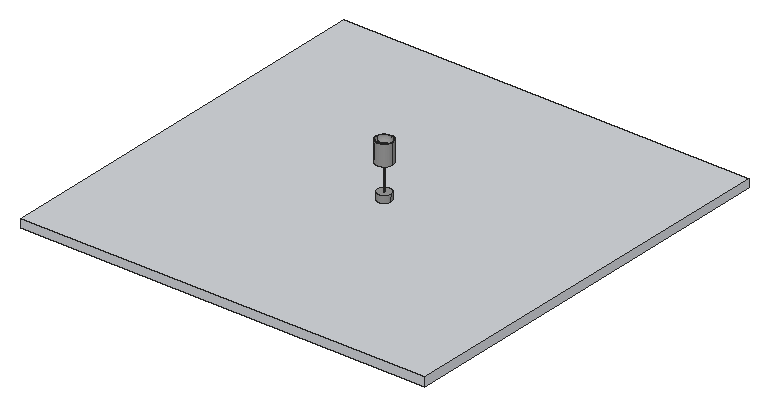
Revit family "LAMP_KOMBIC 100 SURFACE 2500 CRI80 OPAL", category Luminarias, Revit 2018
Family settings
  Anfitrión = Cara
  Cota de conector redondo = Diámetro de uso
  Tipo de pieza = Normal
  Corte con vacíos al cargar = No
  Origen de luz = Sí
  Compartido = No
  Punto de cálculo de habitación = No
Parameters (values of type "1867LM 3000K  M/B")
  Ángulo de inclinación = -90.00°
  Weight = 0.676 kg
  UGR = ""
  Type = "COB PHILIPS"
  Protection rating = "IP40"
  Product datasheet = "http://www.lamp.es/product-files/TECH/K11SF2540OP830NMB-EN.pdf"
  Product code = "K11SF2540OP830NMB"
  Product URL = "https://www.lamp.es/en/family/kombic-surface_474354"
  Power Supply = "220-240V 50/60Hz"
  Power = 17 W
  Plum = 20.4 W
  Modelo = Product code  # "K11SF2540OP830NMB"
  Model explanation = "Possibility of chossing between surface or suspended within the model"
  Material reflector = LAMP_PC Reflector Kombic Metalizado Mate
  Material floron = LAMP_Plástico genérico NG
  Material difusor = LAMP_PMMA Difusor Kombic
  Material cuerpo = LAMP_Plástico genérico NG
  Material cable suspension = LAMP_Acero genérico
  Manufacturer name = "LAMP"
  Manufacturer country = "Spain"
  Manufacturer URL = "http://www.lamp.es/en"
  MacAdam = "3"
  Luminaire type = "Suspended"
  Last update = "26/07/2021"
  Lamp = "COB LED"
  LED Lifetime = "50.000 L80 B10"
  Insulation class = "I"
  Installation instructions = "https://www.lamp.es/product-files/packed/by-family/474354_INS_all.zip"
  IEE = "A+"
  Height suspension [instance] = 200 mm
  Height distance [instance] = if(Surface, 0.1 mm, if(Ceiling rose, if(Height suspension > 38 mm, if(Height suspension < 2000 mm, Height suspension, 2000 mm), 38 mm), 37 mm))  # 200 mm
  Wattage = 20.4 W
  built-in parameter 1150107 = 3000 (stored number, unit not read)
  Surface [instance] = no
  built-in parameter 1150110 = 1 (stored number, unit not read)
  built-in parameter 1150109 = 1 (stored number, unit not read)
  built-in parameter 1150112 = 1 (stored number, unit not read)
  built-in parameter 1150113 = 1 (stored number, unit not read)
  built-in parameter 1114218 = 1 (stored number, unit not read)
  built-in parameter 1150137 = (empty or 0)
  built-in parameter 1150132 = 2
  built-in parameter 1150105 = 1670.3 (stored number, unit not read)
  built-in parameter 1150102 = (empty or 0)
  built-in parameter 1150106 = 16.703 (stored number, unit not read)
  Height = 120 mm
  Gear = "Electronic"
  Lumens = 1866.6 lm
  Finish = "Matte black RAL 9011"
  Color Filter = 16777215
  built-in parameter 1114217 = 1 (stored number, unit not read)
  built-in parameter 1150139 = (empty or 0)
  Fabricante = Manufacturer name  # "LAMP"
  Default Elevation = 1219.2 mm
  built-in parameter 1150104 = 8.5006 (stored number, unit not read)
  Efficacy = 91.5 lm/W
  Diameter = 100 mm
  built-in parameter 1150115 = 1 (stored number, unit not read)
  built-in parameter 1150114 = 1 (stored number, unit not read)
  built-in parameter 1150138 = (empty or 0)
  built-in parameter 1150134 = (empty or 0)
  Ceiling rose [instance] = not(Surface)  # yes
  Dimming Lamp Color Temperature Shift = (empty or 0)
  CRI = "80"
  Archivo de red fotométrica = "K11SF2540OP830NMB.IES"
  built-in parameter 1150133 = 10 (stored number, unit not read)
Types (12, lengths in mm): name | Product datasheet | Product code | Modelo | Material reflector | Material floron | Material cuerpo | built-in parameter 1150107 | built-in parameter 1150105 | built-in parameter 1150106 | Lumens | Finish | built-in parameter 1150104 | Efficacy | built-in parameter 1150134 | Archivo de red fotométrica
  1867LM 3000K  M/B | "http://www.lamp.es/product-files/TECH/K11SF2540OP830NMB-EN.pdf" | "K11SF2540OP830NMB" | "K11SF2540OP830NMB" | LAMP_PC Reflector Kombic Metalizado Mate | LAMP_Plástico genérico NG | LAMP_Plástico genérico NG | 3000 (stored number, unit not read) | 1670.3 (stored number, unit not read) | 16.703 (stored number, unit not read) | 1866.6 lm | "Matte black RAL 9011" | 8.5006 (stored number, unit not read) | 91.5 lm/W | (empty or 0) | "K11SF2540OP830NMB.IES"
  1867LM 3000K  M/W | "http://www.lamp.es/product-files/TECH/K11SF2540OP830NMW-EN.pdf" | "K11SF2540OP830NMW" | "K11SF2540OP830NMW" | LAMP_PC Reflector Kombic Metalizado Mate | LAMP_Plástico genérico BL | LAMP_Plástico genérico BL | 3000 (stored number, unit not read) | 1670.3 (stored number, unit not read) | 16.703 (stored number, unit not read) | 1866.6 lm | "Matte Traffic white RAL 9016" | 8.5006 (stored number, unit not read) | 91.5 lm/W | (empty or 0) | "K11SF2540OP830NMW.IES"
  1951LM 3000K  W/B | "http://www.lamp.es/product-files/TECH/K11SF2540OP830NWB-EN.pdf" | "K11SF2540OP830NWB" | "K11SF2540OP830NWB" | LAMP_PC Reflector Kombic Blanco | LAMP_Plástico genérico NG | LAMP_Plástico genérico NG | 3000 (stored number, unit not read) | 1745.1 (stored number, unit not read) | 17.451 (stored number, unit not read) | 1950.24 lm | "Matte black RAL 9011" | 8.8815 (stored number, unit not read) | 95.6 lm/W | (empty or 0) | "K11SF2540OP830NWB.IES"
  1951LM 3000K  W/W | "http://www.lamp.es/product-files/TECH/K11SF2540OP830NWW-EN.pdf" | "K11SF2540OP830NWW" | "K11SF2540OP830NWW" | LAMP_PC Reflector Kombic Blanco | LAMP_Plástico genérico BL | LAMP_Plástico genérico BL | 3000 (stored number, unit not read) | 1745.1 (stored number, unit not read) | 17.451 (stored number, unit not read) | 1950.24 lm | "Matte Traffic white RAL 9016" | 8.8815 (stored number, unit not read) | 95.6 lm/W | (empty or 0) | "K11SF2540OP830NWW.IES"
  1959LM 3000K  BR/B | "http://www.lamp.es/product-files/TECH/K11SF2540OP830NRB-EN.pdf" | "K11SF2540OP830NRB" | "K11SF2540OP830NRB" | LAMP_PC Reflector Kombic Metalizado Brillante | LAMP_Plástico genérico NG | LAMP_Plástico genérico NG | 3000 (stored number, unit not read) | 1752.4 (stored number, unit not read) | 17.524 (stored number, unit not read) | 1958.4 lm | "Matte black RAL 9011" | 8.9187 (stored number, unit not read) | 96 lm/W | (empty or 0) | "K11SF2540OP830NRB.IES"
  1959LM 3000K  BR/W | "http://www.lamp.es/product-files/TECH/K11SF2540OP830NRW-EN.pdf" | "K11SF2540OP830NRW" | "K11SF2540OP830NRW" | LAMP_PC Reflector Kombic Metalizado Brillante | LAMP_Plástico genérico BL | LAMP_Plástico genérico BL | 3000 (stored number, unit not read) | 1752.4 (stored number, unit not read) | 17.524 (stored number, unit not read) | 1958.4 lm | "Matte Traffic white RAL 9016" | 8.9187 (stored number, unit not read) | 96 lm/W | (empty or 0) | "K11SF2540OP830NRW.IES"
  1978LM 4000K  M/B | "http://www.lamp.es/product-files/TECH/K11SF2540OP840NMB-EN.pdf" | "K11SF2540OP840NMB" | "K11SF2540OP840NMB" | LAMP_PC Reflector Kombic Metalizado Mate | LAMP_Plástico genérico NG | LAMP_Plástico genérico NG | 4000 (stored number, unit not read) | 1770.7 (stored number, unit not read) | 17.707 (stored number, unit not read) | 1978.8 lm | "Matte black RAL 9011" | 9.0116 (stored number, unit not read) | 97 lm/W | 12 | "K11SF2540OP840NMB.IES"
  1978LM 4000K  M/W | "http://www.lamp.es/product-files/TECH/K11SF2540OP840NMW-EN.pdf" | "K11SF2540OP840NMW" | "K11SF2540OP840NMW" | LAMP_PC Reflector Kombic Metalizado Mate | LAMP_Plástico genérico BL | LAMP_Plástico genérico BL | 4000 (stored number, unit not read) | 1770.7 (stored number, unit not read) | 17.707 (stored number, unit not read) | 1978.8 lm | "Matte Traffic white RAL 9016" | 9.0116 (stored number, unit not read) | 97 lm/W | 12 | "K11SF2540OP840NMW.IES"
  2067LM 4000K  W/B | "http://www.lamp.es/product-files/TECH/K11SF2540OP840NWB-EN.pdf" | "K11SF2540OP840NWB" | "K11SF2540OP840NWB" | LAMP_PC Reflector Kombic Blanco | LAMP_Plástico genérico NG | LAMP_Plástico genérico NG | 4000 (stored number, unit not read) | 1849.2 (stored number, unit not read) | 18.492 (stored number, unit not read) | 2066.52 lm | "Matte black RAL 9011" | 9.4111 (stored number, unit not read) | 101.3 lm/W | 12 | "K11SF2540OP840NWB.IES"
  2067LM 4000K  W/W | "http://www.lamp.es/product-files/TECH/K11SF2540OP840NWW-EN.pdf" | "K11SF2540OP840NWW" | "K11SF2540OP840NWW" | LAMP_PC Reflector Kombic Blanco | LAMP_Plástico genérico BL | LAMP_Plástico genérico BL | 4000 (stored number, unit not read) | 1849.2 (stored number, unit not read) | 18.492 (stored number, unit not read) | 2066.52 lm | "Matte Traffic white RAL 9016" | 9.4111 (stored number, unit not read) | 101.3 lm/W | 12 | "K11SF2540OP840NWW.IES"
  2075LM 4000K  BR/B | "http://www.lamp.es/product-files/TECH/K11SF2540OP840NRB-EN.pdf" | "K11SF2540OP840NRB" | "K11SF2540OP840NRB" | LAMP_PC Reflector Kombic Metalizado Brillante | LAMP_Plástico genérico NG | LAMP_Plástico genérico NG | 4000 (stored number, unit not read) | 1856.5 (stored number, unit not read) | 18.565 (stored number, unit not read) | 2074.68 lm | "Matte black RAL 9011" | 9.4482 (stored number, unit not read) | 101.7 lm/W | 12 | "K11SF2540OP840NRB.IES"
  2075LM 4000K  BR/W | "http://www.lamp.es/product-files/TECH/K11SF2540OP840NRW-EN.pdf" | "K11SF2540OP840NRW" | "K11SF2540OP840NRW" | LAMP_PC Reflector Kombic Metalizado Brillante | LAMP_Plástico genérico BL | LAMP_Plástico genérico BL | 4000 (stored number, unit not read) | 1856.5 (stored number, unit not read) | 18.565 (stored number, unit not read) | 2074.68 lm | "Matte Traffic white RAL 9016" | 9.4482 (stored number, unit not read) | 101.7 lm/W | 12 | "K11SF2540OP840NRW.IES"
Reference planes
  plane 1 "Centro (Frontal/Posterior)": y = 0
  plane 2: z = 0
  plane 3 "Centro (Izquierda/Derecha)": x = 0
Forms (mm)
  Extrusion 1, solid
    sketch origin (0, 0, 0) x (1, 0, 0) y (0, 1, 0)
      loop
        line (-1219.2, 1219.2) -> (-1219.2, -1219.2) -> (1219.2, -1219.2) -> (1219.2, 1219.2) -> (-1219.2, 1219.2)
    from 0 to -50
  Extrusion 2, solid, material "LAMP_Plástico genérico NG" <- "Material cuerpo"
    sketch origin (0, 0, 0) x (1, 0, 0) y (0, 1, 0)
      loop
        circle (0, 0) r 50
    from 200 to 320
  Extrusion 3, void
    sketch origin (0, 0, 0) x (1, 0, 0) y (0, 1, 0)
      loop
        circle (0, 0) r 48
    from 210.588 to 320
  Sweep 4, solid, material "LAMP_PC Reflector Kombic Metalizado Mate" <- "Material reflector"
    path origin (105.103, -251.845, 320) x (1, 0, 0) y (0, 1, 0)
      loop
        circle (-105.103, 251.959) r 48
    profile origin (0, 48.114, 320) x (0, -1, 0) y (0, 0, 1)
      loop
        arc (0, 0) -> (6.616, -20.646) -> (24, -33.6) r 35.52
        line (24, -33.6) -> (24, -32.6)
        arc (24, -32.6) -> (7.196, -20.217) -> (2, 0) r 31.112
        line (2, 0) -> (0, 0)
  Extrusion 5, solid, material "LAMP_PMMA Difusor Kombic" <- "Material difusor"
    sketch origin (0, 0, 0) x (1, 0, 0) y (0, 1, 0)
      loop
        circle (0, 0) r 24
    from 286.4 to 287.4
  Extrusion 6, solid, material "LAMP_Plástico genérico NG" <- "Material floron", visible <- "Ceiling rose"
    sketch origin (0, 0, 0) x (1, 0, 0) y (0, 1, 0)
      loop
        circle (0, 0) r 42
    from 0 to 37
  Extrusion 7, solid, material "LAMP_Acero genérico" <- "Material cable suspension", visible <- "Ceiling rose"
    sketch origin (0, 0, 0) x (1, 0, 0) y (0, 1, 0)
      loop
        circle (0, 0) r 1
    from 37 to 200
Cuts and joins
  Extrusion 3 cuts Extrusion 2
Text (mm)
  text "Any modification of the parameters and properties of the LAMP BIM models must be executed and validated by the LAMP technical department.\nPhone: +34 93 736 68 00\nE-mail: lamp@lamp.es\n\nLAMP reserves the right to modify the technical specifications of its products." at (1856.491, -4316.333, -2622.127), in view "Preview"
Dimensions and locks
  "Height distance": Extrusion 2 to Extrusion 1
  locked: Extrusion 2 to Extrusion 2 at 120
  locked: cut or joined group of Extrusion 2, Extrusion 3 to cut or joined group of Extrusion 2, Extrusion 3 at 109.412
  aligned and locked: plane 2 to Extrusion 1
  aligned and locked: level to Extrusion 1
  aligned and locked: Extrusion 2 to Extrusion 3
  aligned and locked: cut or joined group of Extrusion 2, Extrusion 3 to Sweep 4 sketch curve
  aligned and locked: Sweep 4 to Extrusion 5
  aligned and locked: Extrusion 5 to Sweep 4
  aligned and locked: Extrusion 7 to Extrusion 6
  aligned and locked: Extrusion 7 to cut or joined group of Extrusion 2, Extrusion 3
  aligned and locked: imposter light to cut or joined group of Extrusion 2, Extrusion 3
Automatic sketch dimensions
  Extrusion 1 sketch curve to Extrusion 1 sketch curve = 2438.4 mm  (x2)
  plane 1 "Centro (Frontal/Posterior)" to Extrusion 2 sketch curve = 0 mm
  Extrusion 2 sketch curve to plane 3 "Centro (Izquierda/Derecha)" = 0 mm
  plane 1 "Centro (Frontal/Posterior)" to Extrusion 3 sketch curve = 0 mm
  Extrusion 3 sketch curve to plane 3 "Centro (Izquierda/Derecha)" = 0 mm
  Sweep 4 sketch curve to Sweep 4 sketch curve = 2 mm
  Sweep 4 sketch curve to Sweep 4 sketch curve = 2.536 mm
  Sweep 4 sketch curve to Sweep 4 sketch curve = 2.814 mm
  Sweep 4 sketch curve to profile plane = 24 mm
  Sweep 4 sketch curve to Sweep 4 sketch curve = 8.984 mm
  Sweep 4 sketch curve to profile plane = 0 mm
  plane 1 "Centro (Frontal/Posterior)" to Extrusion 5 sketch curve = 0 mm
  Extrusion 5 sketch curve to plane 3 "Centro (Izquierda/Derecha)" = 0 mm
  plane 1 "Centro (Frontal/Posterior)" to Extrusion 6 sketch curve = 0 mm
  Extrusion 6 sketch curve to plane 3 "Centro (Izquierda/Derecha)" = 0 mm
  plane 1 "Centro (Frontal/Posterior)" to Extrusion 7 sketch curve = 0 mm
  Extrusion 7 sketch curve to plane 3 "Centro (Izquierda/Derecha)" = 0 mm
  radius of Extrusion 2 sketch curve = 50 mm
  radius of Extrusion 3 sketch curve = 48 mm
  radius of Sweep 4 sketch curve = 48 mm
  radius of Extrusion 5 sketch curve = 24 mm
  radius of Extrusion 6 sketch curve = 42 mm
  radius of Extrusion 7 sketch curve = 1 mm
Connectors
  electrical at (0, 0, 200)
    settings: on cut or joined group of Extrusion 2, Extrusion 3, index 1, voltage 230 V, apparent load 0 VA, apparent load phase1 0 VA, apparent load phase2 0 VA, apparent load phase3 0 VA, power factor 1, load classification "Otro", number of poles 1, system type 31, power factor state 1, is connector primary yes, connector utility no, sub classification motor no, connector description ""
